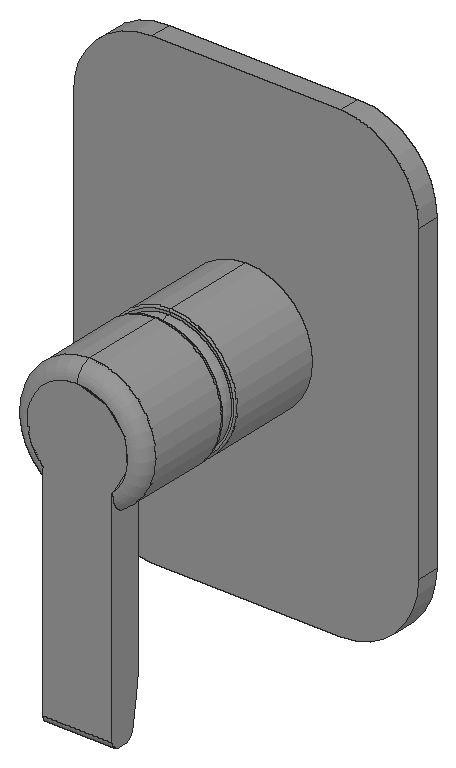
Revit family "MZ RECEP TINA TRENTO", category Plumbing Fixtures, Revit 2019
Family settings
  Round Connector Dimension = Use Diameter
  Part Type = Normal
  OmniClass Number = 23.45.00.00
  OmniClass Title = Sanitary, Laundry, and Cleaning Equipment
  Work Plane-Based = No
  Always vertical = Yes
  Cut with Voids When Loaded = No
  Shared = No
  Room Calculation Point = No
Reference planes
  plane 1 "Center (Front/Back)": y = 0
  plane 2: z = 0
  plane 3 "Center (Left/Right)": x = 0
Forms (mm)
  Extrusion 1, solid
    sketch origin (0, 0, 0) x (1, 0, 0) y (0, 0, 1)
      loop
        arc (0, 25) -> (7.322, 7.322) -> (25, 0) r 25
        line (25, 0) -> (85, 0)
        arc (85, 0) -> (102.678, 7.322) -> (110, 25) r 25
        line (110, 25) -> (110, 125)
        arc (110, 125) -> (102.678, 142.678) -> (85, 150) r 25
        line (85, 150) -> (25, 150)
        arc (25, 150) -> (7.322, 142.678) -> (0, 125) r 25
        line (0, 125) -> (0, 25)
    from 0 to 7
  Revolve 2, solid
    sketch origin (55, 0, 23) x (0, 1, 0) y (0, 0, 1)
      loop
        line (-7, 52) -> (-7, 73) -> (-36.976, 73)
        arc (-36.976, 73) -> (-37.347, 72.847) -> (-37.5, 72.476) r 0.524
        line (-37.5, 72.476) -> (-37.5, 71.588)
        arc (-37.5, 71.588) -> (-40.378, 70.581) -> (-42, 68) r 4.616
        line (-42, 68) -> (-42, 71.887)
        arc (-42, 71.887) -> (-42.326, 72.674) -> (-43.113, 73) r 1.113
        line (-43.113, 73) -> (-69, 73)
        arc (-69, 73) -> (-72.536, 71.536) -> (-74, 68) r 5
        line (-74, 68) -> (-74, 52) -> (-7, 52)
      axis (-7, 52) -> (-74, 52)
    angle from 0 to 360
  Extrusion 3, solid
    sketch origin (0, 0, 23) x (0, 1, 0) y (0, 0, 1)
      loop
        line (-64, 52) -> (-74, 52) -> (-74, -30.536)
        arc (-74, -30.536) -> (-73.278, -32.278) -> (-71.536, -33) r 2.464
        line (-71.536, -33) -> (-68.873, -33)
        arc (-68.873, -33) -> (-67.278, -32.424) -> (-66.42, -30.962) r 2.496
        line (-66.42, -30.962) -> (-64.62, -21.323)
        arc (-64.62, -21.323) -> (-64.155, -17.986) -> (-64, -14.62) r 36.528
        line (-64, -14.62) -> (-64, 52)
    from 44 to 66
Cuts and joins
  joined: Revolve 2, Extrusion 3
Dimensions and locks
  aligned and locked: level to plane 2
